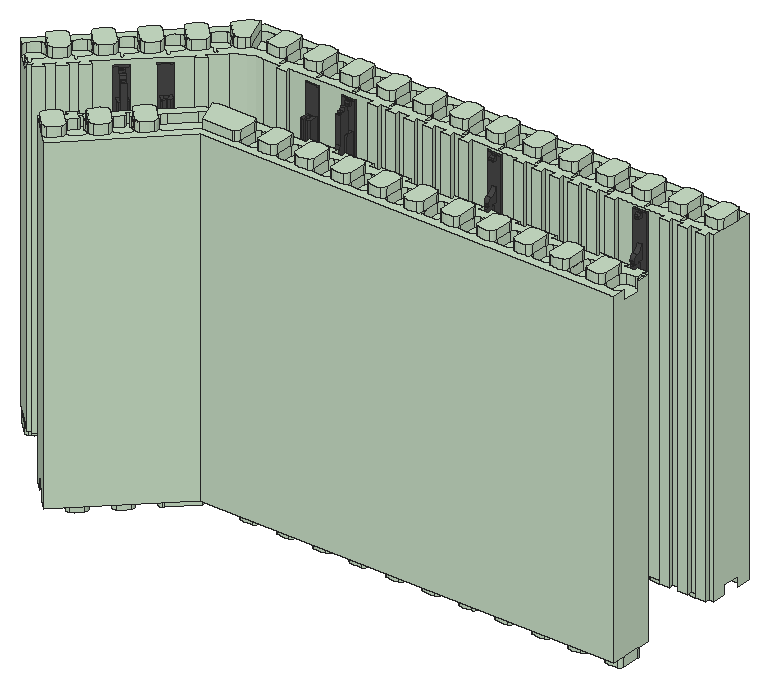
Revit family (continued)
Definition of nested family "4-inch Web"
  Forms (in)
    Extrusion 1, solid, material "Polypropylene"
      sketch origin (0, -2, -0.5) x (0, 1, 0) y (0, 0, 1)
        loop
          arc (4.1225, 4.97383) -> (4.16669, 4.95552) -> (4.185, 4.91133) r 0.0625
          line (4.185, 4.91133) -> (4.185, 5.69633)
          arc (4.185, 5.69633) -> (4.16669, 5.65213) -> (4.1225, 5.63383) r 0.0625
          line (4.1225, 5.63383) -> (3.89, 5.63383) -> (3.89, 5.70383) -> (3.995, 5.70383) -> (3.995, 6.2038) -> (3.89, 6.2038) -> (3.89, 6.27383) -> (4.1225, 6.27383)
          arc (4.1225, 6.27383) -> (4.16669, 6.25552) -> (4.185, 6.21133) r 0.0625
          line (4.185, 6.21133) -> (4.185, 6.81093) -> (4.09, 6.81093)
          arc (4.09, 6.81093) -> (3.98601, 6.70797) -> (3.85666, 6.63953) r 0.5
          arc (3.85666, 6.63953) -> (3.73587, 6.54816) -> (3.69, 6.40383) r 0.25
          line (3.69, 6.40383) -> (3.69, 6.33633)
          arc (3.69, 6.33633) -> (3.7083, 6.29213) -> (3.7525, 6.27383) r 0.0625
          line (3.7525, 6.27383) -> (3.8, 6.27383) -> (3.8, 6.2038) -> (3.69446, 6.2038)
          arc (3.69446, 6.2038) -> (3.49353, 6.21289) -> (3.29847, 6.26201) r 1
          arc (3.29847, 6.26201) -> (3.20889, 6.24349) -> (3.18179, 6.15611) r 0.09
          arc (3.18179, 6.15611) -> (2.74446, 5.81514) -> (2.77171, 6.36902) r 0.305
          arc (2.77171, 6.36902) -> (2.89426, 6.65499) -> (2.60829, 6.77754) r 0.22
          arc (2.60829, 6.77754) -> (2.36995, 6.62412) -> (2.20617, 6.39279) r 0.745
          arc (2.20617, 6.39279) -> (2.12274, 6.29522) -> (2, 6.25758) r 0.23
          arc (2, 6.25758) -> (1.87726, 6.29522) -> (1.79383, 6.39279) r 0.23
          arc (1.79383, 6.39279) -> (1.63005, 6.62412) -> (1.39171, 6.77754) r 0.745
          arc (1.39171, 6.77754) -> (1.10574, 6.65499) -> (1.22829, 6.36902) r 0.22
          arc (1.22829, 6.36902) -> (1.25554, 5.81514) -> (0.81821, 6.15611) r 0.305
          arc (0.81821, 6.15611) -> (0.79111, 6.24349) -> (0.70153, 6.26201) r 0.09
          arc (0.70153, 6.26201) -> (0.50647, 6.21289) -> (0.30554, 6.2038) r 1
          line (0.30554, 6.2038) -> (0.2, 6.2038) -> (0.2, 6.27383) -> (0.2475, 6.27383)
          arc (0.2475, 6.27383) -> (0.2917, 6.29213) -> (0.31, 6.33633) r 0.0625
          line (0.31, 6.33633) -> (0.31, 6.40383)
          arc (0.31, 6.40383) -> (0.26413, 6.54816) -> (0.14334, 6.63953) r 0.25
          arc (0.14334, 6.63953) -> (0.01399, 6.70797) -> (-0.09, 6.81093) r 0.5
          line (-0.09, 6.81093) -> (-0.185, 6.81093) -> (-0.185, 6.21133)
          arc (-0.185, 6.21133) -> (-0.16669, 6.25552) -> (-0.1225, 6.27383) r 0.0625
          line (-0.1225, 6.27383) -> (0.11, 6.27383) -> (0.11, 6.2038) -> (0.005, 6.2038) -> (0.005, 5.70383) -> (0.11, 5.70383) -> (0.11, 5.63383) -> (-0.1225, 5.63383)
          arc (-0.1225, 5.63383) -> (-0.16669, 5.65213) -> (-0.185, 5.69633) r 0.0625
          line (-0.185, 5.69633) -> (-0.185, 4.91133)
          arc (-0.185, 4.91133) -> (-0.16669, 4.95552) -> (-0.1225, 4.97383) r 0.0625
          line (-0.1225, 4.97383) -> (0.11, 4.97383) -> (0.11, 4.90383) -> (0.005, 4.90383) -> (0.005, 4.40383) -> (0.11, 4.40383) -> (0.11, 4.33383) -> (-0.1225, 4.33383)
          arc (-0.1225, 4.33383) -> (-0.16669, 4.35213) -> (-0.185, 4.39633) r 0.0625
          line (-0.185, 4.39633) -> (-0.185, 3.61133)
          arc (-0.185, 3.61133) -> (-0.16669, 3.65552) -> (-0.1225, 3.67383) r 0.0625
          line (-0.1225, 3.67383) -> (0.11, 3.67383) -> (0.11, 3.60383) -> (0.005, 3.60383) -> (0.005, 3.10386) -> (0.11, 3.10386) -> (0.11, 3.03383) -> (-0.15332, 3.03383)
          arc (-0.15332, 3.03383) -> (-0.16974, 3.03602) -> (-0.185, 3.04245) r 0.0625
          line (-0.185, 3.04245) -> (-0.185, 2.26723)
          arc (-0.185, 2.26723) -> (-0.07682, 2.51353) -> (0.14334, 2.66812) r 0.5
          arc (0.14334, 2.66812) -> (0.26413, 2.75949) -> (0.31, 2.90383) r 0.25
          line (0.31, 2.90383) -> (0.31, 2.97133)
          arc (0.31, 2.97133) -> (0.2917, 3.01552) -> (0.2475, 3.03383) r 0.0625
          line (0.2475, 3.03383) -> (0.2, 3.03383) -> (0.2, 3.10386) -> (0.30554, 3.10386)
          arc (0.30554, 3.10386) -> (0.50647, 3.09477) -> (0.70153, 3.04565) r 1
          arc (0.70153, 3.04565) -> (0.79111, 3.06417) -> (0.81821, 3.15155) r 0.09
          arc (0.81821, 3.15155) -> (1.25554, 3.49251) -> (1.22829, 2.93864) r 0.305
          arc (1.22829, 2.93864) -> (1.10574, 2.65266) -> (1.39171, 2.53012) r 0.22
          arc (1.39171, 2.53012) -> (1.63005, 2.68353) -> (1.79383, 2.91487) r 0.745
          arc (1.79383, 2.91487) -> (1.87726, 3.01243) -> (2, 3.05008) r 0.23
          arc (2, 3.05008) -> (2.12274, 3.01243) -> (2.20617, 2.91487) r 0.23
          arc (2.20617, 2.91487) -> (2.36995, 2.68353) -> (2.60829, 2.53012) r 0.745
          arc (2.60829, 2.53012) -> (2.89426, 2.65266) -> (2.77171, 2.93864) r 0.22
          arc (2.77171, 2.93864) -> (2.74446, 3.49251) -> (3.18179, 3.15155) r 0.305
          arc (3.18179, 3.15155) -> (3.20889, 3.06417) -> (3.29847, 3.04565) r 0.09
          arc (3.29847, 3.04565) -> (3.49353, 3.09477) -> (3.69446, 3.10386) r 1
          line (3.69446, 3.10386) -> (3.8, 3.10386) -> (3.8, 3.03383) -> (3.7525, 3.03383)
          arc (3.7525, 3.03383) -> (3.7083, 3.01552) -> (3.69, 2.97133) r 0.0625
          line (3.69, 2.97133) -> (3.69, 2.90383)
          arc (3.69, 2.90383) -> (3.73587, 2.75949) -> (3.85666, 2.66812) r 0.25
          arc (3.85666, 2.66812) -> (4.07682, 2.51353) -> (4.185, 2.26723) r 0.5
          line (4.185, 2.26723) -> (4.185, 3.04245)
          arc (4.185, 3.04245) -> (4.16974, 3.03602) -> (4.15332, 3.03383) r 0.0625
          line (4.15332, 3.03383) -> (3.89, 3.03383) -> (3.89, 3.10386) -> (3.995, 3.10386) -> (3.995, 3.60383)
        loop
          arc (3.695, 4.40383) -> (3.64143, 4.41153) -> (3.59139, 4.43216) r 0.21872
          arc (3.59139, 4.43216) -> (3.29477, 4.52764) -> (2.98527, 4.56383) r 1.6
          line (2.98527, 4.56383) -> (2.40877, 4.56383)
          arc (2.40877, 4.56383) -> (2.18493, 4.38671) -> (2.30584, 4.12814) r 0.23
          line (2.30584, 4.12814) -> (2.8018, 3.87996)
          arc (2.8018, 3.87996) -> (3.23819, 3.7089) -> (3.695, 3.60383) r 3.1806
          line (3.695, 3.60383) -> (3.8, 3.60383) -> (3.8, 3.67383) -> (3.7525, 3.67383)
          arc (3.7525, 3.67383) -> (3.7083, 3.69213) -> (3.69, 3.73633) r 0.0625
          line (3.69, 3.73633) -> (3.69, 4.27133)
          arc (3.69, 4.27133) -> (3.7083, 4.31552) -> (3.7525, 4.33383) r 0.0625
          line (3.7525, 4.33383) -> (3.8, 4.33383) -> (3.8, 4.40383) -> (3.695, 4.40383)
        loop
          arc (3.695, 5.70383) -> (3.23819, 5.59876) -> (2.8018, 5.42769) r 3.1806
          line (2.8018, 5.42769) -> (2.30584, 5.17951)
          arc (2.30584, 5.17951) -> (2.18493, 4.92095) -> (2.40877, 4.74383) r 0.23
          line (2.40877, 4.74383) -> (2.98527, 4.74383)
          arc (2.98527, 4.74383) -> (3.29477, 4.78001) -> (3.59139, 4.8755) r 1.6
          arc (3.59139, 4.8755) -> (3.64143, 4.89612) -> (3.695, 4.90383) r 0.21872
          line (3.695, 4.90383) -> (3.8, 4.90383) -> (3.8, 4.97383) -> (3.7525, 4.97383)
          arc (3.7525, 4.97383) -> (3.7083, 4.99213) -> (3.69, 5.03633) r 0.0625
          line (3.69, 5.03633) -> (3.69, 5.57133)
          arc (3.69, 5.57133) -> (3.7083, 5.61552) -> (3.7525, 5.63383) r 0.0625
          line (3.7525, 5.63383) -> (3.8, 5.63383) -> (3.8, 5.70383) -> (3.695, 5.70383)
        loop
          line (0.305, 4.40383) -> (0.2, 4.40383) -> (0.2, 4.33383) -> (0.2475, 4.33383)
          arc (0.2475, 4.33383) -> (0.2917, 4.31552) -> (0.31, 4.27133) r 0.0625
          line (0.31, 4.27133) -> (0.31, 3.73633)
          arc (0.31, 3.73633) -> (0.2917, 3.69213) -> (0.2475, 3.67383) r 0.0625
          line (0.2475, 3.67383) -> (0.2, 3.67383) -> (0.2, 3.60383) -> (0.305, 3.60383)
          arc (0.305, 3.60383) -> (0.76181, 3.7089) -> (1.1982, 3.87996) r 3.1806
          line (1.1982, 3.87996) -> (1.69416, 4.12814)
          arc (1.69416, 4.12814) -> (1.81507, 4.38671) -> (1.59123, 4.56383) r 0.23
          line (1.59123, 4.56383) -> (1.01473, 4.56383)
          arc (1.01473, 4.56383) -> (0.70523, 4.52764) -> (0.40861, 4.43216) r 1.6
          arc (0.40861, 4.43216) -> (0.35857, 4.41153) -> (0.305, 4.40383) r 0.21872
        loop
          line (0.305, 5.70383) -> (0.2, 5.70383) -> (0.2, 5.63383) -> (0.2475, 5.63383)
          arc (0.2475, 5.63383) -> (0.2917, 5.61552) -> (0.31, 5.57133) r 0.0625
          line (0.31, 5.57133) -> (0.31, 5.03633)
          arc (0.31, 5.03633) -> (0.2917, 4.99213) -> (0.2475, 4.97383) r 0.0625
          line (0.2475, 4.97383) -> (0.2, 4.97383) -> (0.2, 4.90383) -> (0.305, 4.90383)
          arc (0.305, 4.90383) -> (0.35857, 4.89612) -> (0.40861, 4.8755) r 0.21872
          arc (0.40861, 4.8755) -> (0.70523, 4.78001) -> (1.01473, 4.74383) r 1.6
          line (1.01473, 4.74383) -> (1.59123, 4.74383)
          arc (1.59123, 4.74383) -> (1.81507, 4.92095) -> (1.69416, 5.17951) r 0.23
          line (1.69416, 5.17951) -> (1.1982, 5.42769)
          arc (1.1982, 5.42769) -> (0.76181, 5.59876) -> (0.305, 5.70383) r 3.1806
      from -0.125 to 0.125
    Extrusion 2, solid, material "Polypropylene"
      sketch origin (0, 0, 0) x (0, 1, 0) y (0, 0, 1)
        loop
          line (2.185, 17.8125) -> (2.185, 0.1875)
          arc (2.185, 0.1875) -> (2.2042, 0.14243) -> (2.25, 0.12505) r 0.0625
          arc (2.25, 0.12505) -> (2.2958, 0.14243) -> (2.315, 0.1875) r 0.0625
          line (2.315, 0.1875) -> (2.315, 17.8125)
          arc (2.315, 17.8125) -> (2.2958, 17.85757) -> (2.25, 17.87495) r 0.0625
          arc (2.25, 17.87495) -> (2.2042, 17.85757) -> (2.185, 17.8125) r 0.0625
        loop
          arc (-2.185, 17.8125) -> (-2.2042, 17.85757) -> (-2.25, 17.87495) r 0.0625
          arc (-2.25, 17.87495) -> (-2.2958, 17.85757) -> (-2.315, 17.8125) r 0.0625
          line (-2.315, 17.8125) -> (-2.315, 0.1875)
          arc (-2.315, 0.1875) -> (-2.2958, 0.14243) -> (-2.25, 0.12505) r 0.0625
          arc (-2.25, 0.12505) -> (-2.2042, 0.14243) -> (-2.185, 0.1875) r 0.0625
          line (-2.185, 0.1875) -> (-2.185, 17.8125)
      from -0.36328 to 0.36328
Definition of nested family "4-inch Insert Web"
  Reference planes (in)
    plane 1 "Center (Front/Back)": y = 0
    plane 2: z = 0
    plane 3 "Center (Left/Right)": x = 0
  Forms (in)
    Extrusion 1, solid, material "High Density Polystyrene"
      sketch origin (0, 0, 0) x (0, 1, 0) y (0, 0, 1)
        loop
          line (2.25, 0) -> (2.25, 17.74583)
          arc (2.25, 17.74583) -> (2.22112, 17.72608) -> (2.21, 17.69292) r 0.055
          line (2.21, 17.69292) -> (2.21, 0.05292)
          arc (2.21, 0.05292) -> (2.22112, 0.01975) -> (2.25, 0) r 0.055
        loop
          arc (-2.25, 0) -> (-2.22112, 0.01975) -> (-2.21, 0.05292) r 0.055
          line (-2.21, 0.05292) -> (-2.21, 17.69292)
          arc (-2.21, 17.69292) -> (-2.22112, 17.72608) -> (-2.25, 17.74583) r 0.055
          line (-2.25, 17.74583) -> (-2.25, 0)
      from 0.36328 to -0.36328
    Extrusion 2, solid, material "High Density Polystyrene"
      sketch origin (0, 0, 0) x (0, 1, 0) y (0, 0, 1)
        loop
          arc (2.18889, 17.40785) -> (2.20374, 17.40241) -> (2.21, 17.38789) r 0.02
          line (2.21, 17.38789) -> (2.21, 17.63668)
          arc (2.21, 17.63668) -> (2.20585, 17.62147) -> (2.19457, 17.61045) r 0.03
          line (2.19457, 17.61045) -> (2.12543, 17.57204)
          arc (2.12543, 17.57204) -> (2.11414, 17.56103) -> (2.11, 17.54582) r 0.03
          line (2.11, 17.54582) -> (2.11, 17.42461)
          arc (2.11, 17.42461) -> (2.11625, 17.41008) -> (2.13111, 17.40464) r 0.02
          line (2.13111, 17.40464) -> (2.18889, 17.40785)
        loop
          line (-2.12543, 17.57204) -> (-2.19457, 17.61045)
          arc (-2.19457, 17.61045) -> (-2.20585, 17.62147) -> (-2.21, 17.63668) r 0.03
          line (-2.21, 17.63668) -> (-2.21, 17.38789)
          arc (-2.21, 17.38789) -> (-2.20374, 17.40241) -> (-2.18889, 17.40785) r 0.02
          line (-2.18889, 17.40785) -> (-2.13111, 17.40464)
          arc (-2.13111, 17.40464) -> (-2.11625, 17.41008) -> (-2.11, 17.42461) r 0.02
          line (-2.11, 17.42461) -> (-2.11, 17.54582)
          arc (-2.11, 17.54582) -> (-2.11414, 17.56103) -> (-2.12543, 17.57204) r 0.03
        loop
          line (2.18889, 0.33798) -> (2.13111, 0.34119)
          arc (2.13111, 0.34119) -> (2.11625, 0.33575) -> (2.11, 0.32122) r 0.02
          line (2.11, 0.32122) -> (2.11, 0.20001)
          arc (2.11, 0.20001) -> (2.11414, 0.1848) -> (2.12543, 0.17379) r 0.03
          line (2.12543, 0.17379) -> (2.19457, 0.13538)
          arc (2.19457, 0.13538) -> (2.20585, 0.12437) -> (2.21, 0.10915) r 0.03
          line (2.21, 0.10915) -> (2.21, 0.35795)
          arc (2.21, 0.35795) -> (2.20374, 0.34342) -> (2.18889, 0.33798) r 0.02
        loop
          arc (-2.12543, 0.17379) -> (-2.11414, 0.1848) -> (-2.11, 0.20001) r 0.03
          line (-2.11, 0.20001) -> (-2.11, 0.32122)
          arc (-2.11, 0.32122) -> (-2.11625, 0.33575) -> (-2.13111, 0.34119) r 0.02
          line (-2.13111, 0.34119) -> (-2.18889, 0.33798)
          arc (-2.18889, 0.33798) -> (-2.20374, 0.34342) -> (-2.21, 0.35795) r 0.02
          line (-2.21, 0.35795) -> (-2.21, 0.10915)
          arc (-2.21, 0.10915) -> (-2.20585, 0.12437) -> (-2.19457, 0.13538) r 0.03
          line (-2.19457, 0.13538) -> (-2.12543, 0.17379)
        loop
          line (2, 17.20772) -> (1.925, 17.43772)
          arc (1.925, 17.43772) -> (1.875, 17.46772) -> (1.825, 17.43772) r 0.05667
          line (1.825, 17.43772) -> (1.77609, 17.28772) -> (1.64893, 17.28772)
          arc (1.64893, 17.28772) -> (1.61433, 17.27339) -> (1.6, 17.2388) r 0.04893
          line (1.6, 17.2388) -> (1.6, 17.20772) -> (1.5, 17.20772) -> (1.5, 15.75595)
          arc (1.5, 15.75595) -> (1.43087, 15.489) -> (1.24086, 15.28915) r 0.55
          arc (1.24086, 15.28915) -> (1.19232, 15.23289) -> (1.1843, 15.15901) r 0.125
          arc (1.1843, 15.15901) -> (0.73923, 14.83241) -> (0.77171, 15.3835) r 0.305
          arc (0.77171, 15.3835) -> (0.88403, 15.69146) -> (0.56557, 15.7692) r 0.22
          arc (0.56557, 15.7692) -> (0.29606, 15.63872) -> (0, 15.59389) r 1
          arc (0, 15.59389) -> (-0.29606, 15.63872) -> (-0.56557, 15.7692) r 1
          arc (-0.56557, 15.7692) -> (-0.88403, 15.69146) -> (-0.77171, 15.3835) r 0.22
          arc (-0.77171, 15.3835) -> (-0.73923, 14.83241) -> (-1.1843, 15.15901) r 0.305
          arc (-1.1843, 15.15901) -> (-1.19232, 15.23289) -> (-1.24086, 15.28915) r 0.125
          arc (-1.24086, 15.28915) -> (-1.43087, 15.489) -> (-1.5, 15.75595) r 0.55
          line (-1.5, 15.75595) -> (-1.5, 17.20772) -> (-1.6, 17.20772) -> (-1.6, 17.2388)
          arc (-1.6, 17.2388) -> (-1.61433, 17.27339) -> (-1.64893, 17.28772) r 0.04893
          line (-1.64893, 17.28772) -> (-1.77609, 17.28772) -> (-1.825, 17.43772)
          arc (-1.825, 17.43772) -> (-1.875, 17.46772) -> (-1.925, 17.43772) r 0.05667
          line (-1.925, 17.43772) -> (-2, 17.20772) -> (-2, 0.66519) -> (-1.925, 0.43519)
          arc (-1.925, 0.43519) -> (-1.875, 0.40519) -> (-1.825, 0.43519) r 0.05667
          line (-1.825, 0.43519) -> (-1.77609, 0.58519) -> (-1.64893, 0.58519)
          arc (-1.64893, 0.58519) -> (-1.61433, 0.59952) -> (-1.6, 0.63412) r 0.04893
          line (-1.6, 0.63412) -> (-1.6, 0.66519) -> (-1.5, 0.66519) -> (-1.5, 2.24405)
          arc (-1.5, 2.24405) -> (-1.43087, 2.511) -> (-1.24086, 2.71085) r 0.55
          arc (-1.24086, 2.71085) -> (-1.19232, 2.76711) -> (-1.1843, 2.84099) r 0.125
          arc (-1.1843, 2.84099) -> (-0.73923, 3.16759) -> (-0.77171, 2.6165) r 0.305
          arc (-0.77171, 2.6165) -> (-0.88403, 2.30854) -> (-0.56557, 2.2308) r 0.22
          arc (-0.56557, 2.2308) -> (-0.29606, 2.36128) -> (0, 2.40611) r 1
          arc (0, 2.40611) -> (0.29606, 2.36128) -> (0.56557, 2.2308) r 1
          arc (0.56557, 2.2308) -> (0.88403, 2.30854) -> (0.77171, 2.6165) r 0.22
          arc (0.77171, 2.6165) -> (0.73923, 3.16759) -> (1.1843, 2.84099) r 0.305
          arc (1.1843, 2.84099) -> (1.19232, 2.76711) -> (1.24086, 2.71085) r 0.125
          arc (1.24086, 2.71085) -> (1.43087, 2.511) -> (1.5, 2.24405) r 0.55
          line (1.5, 2.24405) -> (1.5, 0.66519) -> (1.6, 0.66519) -> (1.6, 0.63412)
          arc (1.6, 0.63412) -> (1.61433, 0.59952) -> (1.64893, 0.58519) r 0.04893
          line (1.64893, 0.58519) -> (1.77609, 0.58519) -> (1.825, 0.43519)
          arc (1.825, 0.43519) -> (1.875, 0.40519) -> (1.925, 0.43519) r 0.05667
          line (1.925, 0.43519) -> (2, 0.66519) -> (2, 17.20772)
        loop
          line (1.103, 14.44673) -> (0.32953, 14.08475)
          arc (0.32953, 14.08475) -> (0.17093, 13.84564) -> (0.06, 13.58104) r 1.52295
          line (0.06, 13.58104) -> (0.06, 13.02037)
          arc (0.06, 13.02037) -> (0.17285, 12.82194) -> (0.3725, 12.71127) r 0.42217
          line (0.3725, 12.71127) -> (1.125, 12.71127)
          arc (1.125, 12.71127) -> (1.35049, 12.86078) -> (1.5, 13.08627) r 0.68126
          line (1.5, 13.08627) -> (1.5, 14.11451)
          arc (1.5, 14.11451) -> (1.35557, 14.34523) -> (1.103, 14.44673) r 0.43974
        loop
          arc (-1.103, 14.44673) -> (-1.35557, 14.34523) -> (-1.5, 14.11451) r 0.43974
          line (-1.5, 14.11451) -> (-1.5, 13.08627)
          arc (-1.5, 13.08627) -> (-1.35049, 12.86078) -> (-1.125, 12.71127) r 0.68126
          line (-1.125, 12.71127) -> (-0.3725, 12.71127)
          arc (-0.3725, 12.71127) -> (-0.17285, 12.82194) -> (-0.06, 13.02037) r 0.42217
          line (-0.06, 13.02037) -> (-0.06, 13.58104)
          arc (-0.06, 13.58104) -> (-0.17093, 13.84564) -> (-0.32953, 14.08475) r 1.52295
          line (-0.32953, 14.08475) -> (-1.103, 14.44673)
        loop
          arc (1.103, 10.7958) -> (1.35557, 10.89731) -> (1.5, 11.12803) r 0.43974
          line (1.5, 11.12803) -> (1.5, 12.15627)
          arc (1.5, 12.15627) -> (1.35049, 12.38175) -> (1.125, 12.53127) r 0.68126
          line (1.125, 12.53127) -> (0.3725, 12.53127)
          arc (0.3725, 12.53127) -> (0.17285, 12.42059) -> (0.06, 12.22217) r 0.42217
          line (0.06, 12.22217) -> (0.06, 11.6615)
          arc (0.06, 11.6615) -> (0.17093, 11.39689) -> (0.32953, 11.15779) r 1.52295
          line (0.32953, 11.15779) -> (1.103, 10.7958)
        loop
          line (-1.103, 10.7958) -> (-0.32953, 11.15779)
          arc (-0.32953, 11.15779) -> (-0.17093, 11.39689) -> (-0.06, 11.6615) r 1.52295
          line (-0.06, 11.6615) -> (-0.06, 12.22217)
          arc (-0.06, 12.22217) -> (-0.17285, 12.42059) -> (-0.3725, 12.53127) r 0.42217
          line (-0.3725, 12.53127) -> (-1.125, 12.53127)
          arc (-1.125, 12.53127) -> (-1.35049, 12.38175) -> (-1.5, 12.15627) r 0.68126
          line (-1.5, 12.15627) -> (-1.5, 11.12803)
          arc (-1.5, 11.12803) -> (-1.35557, 10.89731) -> (-1.103, 10.7958) r 0.43974
        loop
          arc (0.42388, 10.91489) -> (0.21712, 10.98532) -> (0, 11.00917) r 1
          arc (0, 11.00917) -> (-0.21712, 10.98532) -> (-0.42388, 10.91489) r 1
          line (-0.42388, 10.91489) -> (-1.21194, 10.54608)
          arc (-1.21194, 10.54608) -> (-1.42188, 10.36158) -> (-1.5, 10.09322) r 0.5
          line (-1.5, 10.09322) -> (-1.5, 9.31235) -> (-1.38, 9.11235) -> (-1.38, 9) -> (-1.38, 8.88765) -> (-1.5, 8.68765) -> (-1.5, 7.90678)
          arc (-1.5, 7.90678) -> (-1.42188, 7.63842) -> (-1.21194, 7.45392) r 0.5
          line (-1.21194, 7.45392) -> (-0.42388, 7.08511)
          arc (-0.42388, 7.08511) -> (-0.21712, 7.01468) -> (0, 6.99083) r 1
          arc (0, 6.99083) -> (0.21712, 7.01468) -> (0.42388, 7.08511) r 1
          line (0.42388, 7.08511) -> (1.21194, 7.45392)
          arc (1.21194, 7.45392) -> (1.42188, 7.63842) -> (1.5, 7.90678) r 0.5
          line (1.5, 7.90678) -> (1.5, 8.68765) -> (1.38, 8.88765) -> (1.38, 9) -> (1.38, 9.11235) -> (1.5, 9.31235) -> (1.5, 10.09322)
          arc (1.5, 10.09322) -> (1.42188, 10.36158) -> (1.21194, 10.54608) r 0.5
          line (1.21194, 10.54608) -> (0.42388, 10.91489)
        loop
          arc (1.103, 3.55327) -> (1.35557, 3.65477) -> (1.5, 3.88549) r 0.43974
          line (1.5, 3.88549) -> (1.5, 4.91373)
          arc (1.5, 4.91373) -> (1.35049, 5.13922) -> (1.125, 5.28873) r 0.68126
          line (1.125, 5.28873) -> (0.3725, 5.28873)
          arc (0.3725, 5.28873) -> (0.17285, 5.17806) -> (0.06, 4.97963) r 0.42217
          line (0.06, 4.97963) -> (0.06, 4.41896)
          arc (0.06, 4.41896) -> (0.17093, 4.15436) -> (0.32953, 3.91525) r 1.52295
          line (0.32953, 3.91525) -> (1.103, 3.55327)
        loop
          line (-1.103, 3.55327) -> (-0.32953, 3.91525)
          arc (-0.32953, 3.91525) -> (-0.17093, 4.15436) -> (-0.06, 4.41896) r 1.52295
          line (-0.06, 4.41896) -> (-0.06, 4.97963)
          arc (-0.06, 4.97963) -> (-0.17285, 5.17806) -> (-0.3725, 5.28873) r 0.42217
          line (-0.3725, 5.28873) -> (-1.125, 5.28873)
          arc (-1.125, 5.28873) -> (-1.35049, 5.13922) -> (-1.5, 4.91373) r 0.68126
          line (-1.5, 4.91373) -> (-1.5, 3.88549)
          arc (-1.5, 3.88549) -> (-1.35557, 3.65477) -> (-1.103, 3.55327) r 0.43974
        loop
          line (1.103, 7.2042) -> (0.32953, 6.84221)
          arc (0.32953, 6.84221) -> (0.17093, 6.60311) -> (0.06, 6.3385) r 1.52295
          line (0.06, 6.3385) -> (0.06, 5.77783)
          arc (0.06, 5.77783) -> (0.17285, 5.57941) -> (0.3725, 5.46873) r 0.42217
          line (0.3725, 5.46873) -> (1.125, 5.46873)
          arc (1.125, 5.46873) -> (1.35049, 5.61825) -> (1.5, 5.84373) r 0.68126
          line (1.5, 5.84373) -> (1.5, 6.87197)
          arc (1.5, 6.87197) -> (1.35557, 7.10269) -> (1.103, 7.2042) r 0.43974
        loop
          arc (-1.103, 7.2042) -> (-1.35557, 7.10269) -> (-1.5, 6.87197) r 0.43974
          line (-1.5, 6.87197) -> (-1.5, 5.84373)
          arc (-1.5, 5.84373) -> (-1.35049, 5.61825) -> (-1.125, 5.46873) r 0.68126
          line (-1.125, 5.46873) -> (-0.3725, 5.46873)
          arc (-0.3725, 5.46873) -> (-0.17285, 5.57941) -> (-0.06, 5.77783) r 0.42217
          line (-0.06, 5.77783) -> (-0.06, 6.3385)
          arc (-0.06, 6.3385) -> (-0.17093, 6.60311) -> (-0.32953, 6.84221) r 1.52295
          line (-0.32953, 6.84221) -> (-1.103, 7.2042)
      from 0.125 to -0.125
    Extrusion 3, solid, material "High Density Polystyrene"
      sketch origin (0, 0, 0) x (0, 1, 0) y (0, 0, 1)
        loop
          line (2.21, 16.17792) -> (1.71, 16.17792) -> (1.71, 14.97792) -> (2.21, 14.97792) -> (2.21, 16.17792)
        loop
          line (2.21, 14.22792) -> (1.71, 14.22792) -> (1.71, 13.02792) -> (2.21, 13.02792) -> (2.21, 14.22792)
        loop
          line (2.21, 12.27792) -> (1.71, 12.27792) -> (1.71, 11.07792) -> (2.21, 11.07792) -> (2.21, 12.27792)
        loop
          line (2.21, 10.32792) -> (1.71, 10.32792) -> (1.71, 9.24792) -> (2.21, 9.24792) -> (2.21, 10.32792)
        loop
          line (2.21, 8.49792) -> (1.71, 8.49792) -> (1.71, 7.41792) -> (2.21, 7.41792) -> (2.21, 8.49792)
        loop
          line (2.21, 6.66792) -> (1.71, 6.66792) -> (1.71, 5.46792) -> (2.21, 5.46792) -> (2.21, 6.66792)
        loop
          line (2.21, 4.71792) -> (1.71, 4.71792) -> (1.71, 3.51792) -> (2.21, 3.51792) -> (2.21, 4.71792)
        loop
          line (2.21, 2.76792) -> (1.71, 2.76792) -> (1.71, 1.56792) -> (2.21, 1.56792) -> (2.21, 2.76792)
        loop
          line (-2.21, 16.17792) -> (-2.21, 14.97792) -> (-1.71, 14.97792) -> (-1.71, 16.17792) -> (-2.21, 16.17792)
        loop
          line (-2.21, 14.22792) -> (-2.21, 13.02792) -> (-1.71, 13.02792) -> (-1.71, 14.22792) -> (-2.21, 14.22792)
        loop
          line (-2.21, 12.27792) -> (-2.21, 11.07792) -> (-1.71, 11.07792) -> (-1.71, 12.27792) -> (-2.21, 12.27792)
        loop
          line (-2.21, 10.32792) -> (-2.21, 9.24792) -> (-1.71, 9.24792) -> (-1.71, 10.32792) -> (-2.21, 10.32792)
        loop
          line (-2.21, 8.49792) -> (-2.21, 7.41792) -> (-1.71, 7.41792) -> (-1.71, 8.49792) -> (-2.21, 8.49792)
        loop
          line (-2.21, 6.66792) -> (-2.21, 5.46792) -> (-1.71, 5.46792) -> (-1.71, 6.66792) -> (-2.21, 6.66792)
        loop
          line (-2.21, 4.71792) -> (-2.21, 3.51792) -> (-1.71, 3.51792) -> (-1.71, 4.71792) -> (-2.21, 4.71792)
        loop
          line (-2.21, 2.76792) -> (-2.21, 1.56792) -> (-1.71, 1.56792) -> (-1.71, 2.76792) -> (-2.21, 2.76792)
      from 0.25 to -0.25
    Extrusion 4, void
      sketch origin (0, -1, 0) x (1, 0, 0) y (0, 1, 0)
        loop
          line (-0.25, 2.79249) -> (-0.25, 2.71) -> (-0.1675, 2.71)
          arc (-0.1675, 2.71) -> (-0.22584, 2.73416) -> (-0.25, 2.79249) r 0.0825
      from 0 to 18
    Extrusion 5, void
      sketch origin (0, -1, 0) x (-1, 0, 0) y (0, -1, 0)
        loop
          arc (-0.25, -2.79249) -> (-0.22584, -2.73416) -> (-0.1675, -2.71) r 0.0825
          line (-0.1675, -2.71) -> (-0.25, -2.71) -> (-0.25, -2.79249)
      from 0 to 18
    Extrusion 6, void
      sketch origin (0, 1, 0) x (1, 0, 0) y (0, 1, 0)
        loop
          arc (-0.25, -2.79249) -> (-0.22584, -2.73416) -> (-0.1675, -2.71) r 0.0825
          line (-0.1675, -2.71) -> (-0.25, -2.71) -> (-0.25, -2.79249)
      from 0 to 18
    Extrusion 7, void
      sketch origin (0, 1, 0) x (-1, 0, 0) y (0, -1, 0)
        loop
          line (-0.25, 2.79249) -> (-0.25, 2.71) -> (-0.1675, 2.71)
          arc (-0.1675, 2.71) -> (-0.22584, 2.73416) -> (-0.25, 2.79249) r 0.0825
      from 0 to 18
  Cuts and joins
    Extrusion 4, Extrusion 5, Extrusion 6, Extrusion 7 cuts Extrusion 1
    Extrusion 4, Extrusion 5, Extrusion 6, Extrusion 7 cuts Extrusion 3
Definition of nested family "NUDURA Diamond Pattern"
  Reference planes (in)
    plane 1 "Center (Front/Back)": y = 0
    plane 2: z = 0
    plane 3 "Center (Left/Right)": x = 0
    plane 4: z = 18
  Lines and regions (in)
    model lines
      curve 1: line (8, -5.625, 18) -> (8, -5.625, 0)
      curve 2: line (6, -5.625, 18) -> (6, -5.625, 0)
      curve 3: line (2, -5.625, 18) -> (2, -5.625, 0)
      curve 4: line (3.35367, -5.625, 16.98484) -> (3.69709, -5.625, 16.64142)
      curve 5: arc (3.35367, -5.625, 17.51517) -> (3.24384, -5.625, 17.25) -> (3.35367, -5.625, 16.98484) r 0.375
      curve 6: line (3.72867, -5.625, 17.89017) -> (3.35367, -5.625, 17.51517)
      curve 7: arc (4.259, -5.625, 17.89017) -> (3.99384, -5.625, 18) -> (3.72867, -5.625, 17.89017) r 0.375
      curve 8: line (4.634, -5.625, 17.51517) -> (4.259, -5.625, 17.89017)
      curve 9: arc (4.634, -5.625, 16.98484) -> (4.74384, -5.625, 17.25) -> (4.634, -5.625, 17.51517) r 0.375
      curve 10: line (4.29059, -5.625, 16.64142) -> (4.634, -5.625, 16.98484)
      curve 11: arc (4.17062, -5.625, 17.80178) -> (3.99384, -5.625, 17.875) -> (3.81706, -5.625, 17.80178) r 0.25
      curve 12: line (4.54562, -5.625, 17.42678) -> (4.17062, -5.625, 17.80178)
      curve 13: arc (4.54562, -5.625, 17.07322) -> (4.61884, -5.625, 17.25) -> (4.54562, -5.625, 17.42678) r 0.25
      curve 14: line (4.17062, -5.625, 16.69822) -> (4.54562, -5.625, 17.07322)
      curve 15: arc (3.81706, -5.625, 16.69822) -> (3.99384, -5.625, 16.625) -> (4.17062, -5.625, 16.69822) r 0.25
      curve 16: line (3.44206, -5.625, 17.07322) -> (3.81706, -5.625, 16.69822)
      curve 17: arc (3.44206, -5.625, 17.42678) -> (3.36884, -5.625, 17.25) -> (3.44206, -5.625, 17.07322) r 0.25
      curve 18: line (3.81706, -5.625, 17.80178) -> (3.44206, -5.625, 17.42678)
      curve 19: arc (3.69709, -5.625, 16.35858) -> (3.75567, -5.625, 16.5) -> (3.69709, -5.625, 16.64142) r 0.2
      curve 20: line (4.634, -5.625, 16.01517) -> (4.29059, -5.625, 16.35858)
      curve 21: arc (4.634, -5.625, 15.48484) -> (4.74384, -5.625, 15.75) -> (4.634, -5.625, 16.01517) r 0.375
      curve 22: line (4.29059, -5.625, 15.14142) -> (4.634, -5.625, 15.48484)
      curve 23: line (3.35367, -5.625, 15.48484) -> (3.69709, -5.625, 15.14142)
      curve 24: arc (3.35367, -5.625, 16.01517) -> (3.24384, -5.625, 15.75) -> (3.35367, -5.625, 15.48484) r 0.375
      curve 25: line (3.69709, -5.625, 16.35858) -> (3.35367, -5.625, 16.01517)
      curve 26: arc (4.17062, -5.625, 16.30178) -> (3.99384, -5.625, 16.375) -> (3.81706, -5.625, 16.30178) r 0.25
      curve 27: line (3.81706, -5.625, 16.30178) -> (3.44206, -5.625, 15.92678)
      curve 28: arc (3.44206, -5.625, 15.92678) -> (3.36884, -5.625, 15.75) -> (3.44206, -5.625, 15.57322) r 0.25
      curve 29: line (3.44206, -5.625, 15.57322) -> (3.81706, -5.625, 15.19822)
      curve 30: arc (3.81706, -5.625, 15.19822) -> (3.99384, -5.625, 15.125) -> (4.17062, -5.625, 15.19822) r 0.25
      curve 31: line (4.17062, -5.625, 15.19822) -> (4.54562, -5.625, 15.57322)
      curve 32: arc (4.54562, -5.625, 15.57322) -> (4.61884, -5.625, 15.75) -> (4.54562, -5.625, 15.92678) r 0.25
      curve 33: line (4.54562, -5.625, 15.92678) -> (4.17062, -5.625, 16.30178)
      curve 34: arc (3.69709, -5.625, 14.85858) -> (3.75567, -5.625, 15) -> (3.69709, -5.625, 15.14142) r 0.2
      curve 35: line (4.634, -5.625, 14.51517) -> (4.29059, -5.625, 14.85858)
      curve 36: arc (4.634, -5.625, 13.98484) -> (4.74384, -5.625, 14.25) -> (4.634, -5.625, 14.51517) r 0.375
      curve 37: line (4.29059, -5.625, 13.64142) -> (4.634, -5.625, 13.98484)
      curve 38: line (3.35367, -5.625, 13.98484) -> (3.69709, -5.625, 13.64142)
      curve 39: arc (3.35367, -5.625, 14.51517) -> (3.24384, -5.625, 14.25) -> (3.35367, -5.625, 13.98484) r 0.375
      curve 40: line (3.69709, -5.625, 14.85858) -> (3.35367, -5.625, 14.51517)
      curve 41: arc (4.17062, -5.625, 14.80178) -> (3.99384, -5.625, 14.875) -> (3.81706, -5.625, 14.80178) r 0.25
      curve 42: line (3.81706, -5.625, 14.80178) -> (3.44206, -5.625, 14.42678)
      curve 43: arc (3.44206, -5.625, 14.42678) -> (3.36884, -5.625, 14.25) -> (3.44206, -5.625, 14.07322) r 0.25
      curve 44: line (3.44206, -5.625, 14.07322) -> (3.81706, -5.625, 13.69822)
      curve 45: arc (3.81706, -5.625, 13.69822) -> (3.99384, -5.625, 13.625) -> (4.17062, -5.625, 13.69822) r 0.25
      curve 46: line (4.17062, -5.625, 13.69822) -> (4.54562, -5.625, 14.07322)
      curve 47: arc (4.54562, -5.625, 14.07322) -> (4.61884, -5.625, 14.25) -> (4.54562, -5.625, 14.42678) r 0.25
      curve 48: line (4.54562, -5.625, 14.42678) -> (4.17062, -5.625, 14.80178)
      curve 49: arc (3.69709, -5.625, 13.35858) -> (3.75567, -5.625, 13.5) -> (3.69709, -5.625, 13.64142) r 0.2
      curve 50: line (4.634, -5.625, 13.01517) -> (4.29059, -5.625, 13.35858)
      curve 51: arc (4.634, -5.625, 12.48484) -> (4.74384, -5.625, 12.75) -> (4.634, -5.625, 13.01517) r 0.375
      curve 52: line (4.29059, -5.625, 12.14142) -> (4.634, -5.625, 12.48484)
      curve 53: line (3.35367, -5.625, 12.48484) -> (3.69709, -5.625, 12.14142)
      curve 54: arc (3.35367, -5.625, 13.01517) -> (3.24384, -5.625, 12.75) -> (3.35367, -5.625, 12.48484) r 0.375
      curve 55: line (3.69709, -5.625, 13.35858) -> (3.35367, -5.625, 13.01517)
      curve 56: arc (4.17062, -5.625, 13.30178) -> (3.99384, -5.625, 13.375) -> (3.81706, -5.625, 13.30178) r 0.25
      curve 57: line (3.81706, -5.625, 13.30178) -> (3.44206, -5.625, 12.92678)
      curve 58: arc (3.44206, -5.625, 12.92678) -> (3.36884, -5.625, 12.75) -> (3.44206, -5.625, 12.57322) r 0.25
      curve 59: line (3.44206, -5.625, 12.57322) -> (3.81706, -5.625, 12.19822)
      curve 60: arc (3.81706, -5.625, 12.19822) -> (3.99384, -5.625, 12.125) -> (4.17062, -5.625, 12.19822) r 0.25
      curve 61: line (4.17062, -5.625, 12.19822) -> (4.54562, -5.625, 12.57322)
      curve 62: arc (4.54562, -5.625, 12.57322) -> (4.61884, -5.625, 12.75) -> (4.54562, -5.625, 12.92678) r 0.25
      curve 63: line (4.54562, -5.625, 12.92678) -> (4.17062, -5.625, 13.30178)
      curve 64: arc (3.69709, -5.625, 11.85858) -> (3.75567, -5.625, 12) -> (3.69709, -5.625, 12.14142) r 0.2
      curve 65: line (4.634, -5.625, 11.51517) -> (4.29059, -5.625, 11.85858)
      curve 66: arc (4.634, -5.625, 10.98484) -> (4.74384, -5.625, 11.25) -> (4.634, -5.625, 11.51517) r 0.375
      curve 67: line (4.29059, -5.625, 10.64142) -> (4.634, -5.625, 10.98484)
      curve 68: line (3.35367, -5.625, 10.98484) -> (3.69709, -5.625, 10.64142)
      curve 69: arc (3.35367, -5.625, 11.51517) -> (3.24384, -5.625, 11.25) -> (3.35367, -5.625, 10.98484) r 0.375
      curve 70: line (3.69709, -5.625, 11.85858) -> (3.35367, -5.625, 11.51517)
      curve 71: arc (4.17062, -5.625, 11.80178) -> (3.99384, -5.625, 11.875) -> (3.81706, -5.625, 11.80178) r 0.25
      curve 72: line (3.81706, -5.625, 11.80178) -> (3.44206, -5.625, 11.42678)
      curve 73: arc (3.44206, -5.625, 11.42678) -> (3.36884, -5.625, 11.25) -> (3.44206, -5.625, 11.07322) r 0.25
      curve 74: line (3.44206, -5.625, 11.07322) -> (3.81706, -5.625, 10.69822)
      curve 75: arc (3.81706, -5.625, 10.69822) -> (3.99384, -5.625, 10.625) -> (4.17062, -5.625, 10.69822) r 0.25
      curve 76: line (4.17062, -5.625, 10.69822) -> (4.54562, -5.625, 11.07322)
      curve 77: arc (4.54562, -5.625, 11.07322) -> (4.61884, -5.625, 11.25) -> (4.54562, -5.625, 11.42678) r 0.25
      curve 78: line (4.54562, -5.625, 11.42678) -> (4.17062, -5.625, 11.80178)
      curve 79: arc (3.69709, -5.625, 10.35858) -> (3.75567, -5.625, 10.5) -> (3.69709, -5.625, 10.64142) r 0.2
      curve 80: line (4.634, -5.625, 10.01517) -> (4.29059, -5.625, 10.35858)
      curve 81: arc (4.634, -5.625, 9.48484) -> (4.74384, -5.625, 9.75) -> (4.634, -5.625, 10.01517) r 0.375
      curve 82: line (4.29059, -5.625, 9.14142) -> (4.634, -5.625, 9.48484)
      curve 83: line (3.35367, -5.625, 9.48484) -> (3.69709, -5.625, 9.14142)
      curve 84: arc (3.35367, -5.625, 10.01517) -> (3.24384, -5.625, 9.75) -> (3.35367, -5.625, 9.48484) r 0.375
      curve 85: line (3.69709, -5.625, 10.35858) -> (3.35367, -5.625, 10.01517)
      curve 86: arc (4.17062, -5.625, 10.30178) -> (3.99384, -5.625, 10.375) -> (3.81706, -5.625, 10.30178) r 0.25
      curve 87: line (3.81706, -5.625, 10.30178) -> (3.44206, -5.625, 9.92678)
      curve 88: arc (3.44206, -5.625, 9.92678) -> (3.36884, -5.625, 9.75) -> (3.44206, -5.625, 9.57322) r 0.25
      curve 89: line (3.44206, -5.625, 9.57322) -> (3.81706, -5.625, 9.19822)
      curve 90: arc (3.81706, -5.625, 9.19822) -> (3.99384, -5.625, 9.125) -> (4.17062, -5.625, 9.19822) r 0.25
      curve 91: line (4.17062, -5.625, 9.19822) -> (4.54562, -5.625, 9.57322)
      curve 92: arc (4.54562, -5.625, 9.57322) -> (4.61884, -5.625, 9.75) -> (4.54562, -5.625, 9.92678) r 0.25
      curve 93: line (4.54562, -5.625, 9.92678) -> (4.17062, -5.625, 10.30178)
      curve 94: arc (3.69709, -5.625, 8.85858) -> (3.75567, -5.625, 9) -> (3.69709, -5.625, 9.14142) r 0.2
      curve 95: line (4.634, -5.625, 8.51517) -> (4.29059, -5.625, 8.85858)
      curve 96: arc (4.634, -5.625, 7.98484) -> (4.74384, -5.625, 8.25) -> (4.634, -5.625, 8.51517) r 0.375
      curve 97: line (4.29059, -5.625, 7.64142) -> (4.634, -5.625, 7.98484)
      curve 98: line (3.35367, -5.625, 7.98484) -> (3.69709, -5.625, 7.64142)
      curve 99: arc (3.35367, -5.625, 8.51517) -> (3.24384, -5.625, 8.25) -> (3.35367, -5.625, 7.98484) r 0.375
      curve 100: line (3.69709, -5.625, 8.85858) -> (3.35367, -5.625, 8.51517)
      curve 101: arc (4.17062, -5.625, 8.80178) -> (3.99384, -5.625, 8.875) -> (3.81706, -5.625, 8.80178) r 0.25
      curve 102: line (3.81706, -5.625, 8.80178) -> (3.44206, -5.625, 8.42678)
      curve 103: arc (3.44206, -5.625, 8.42678) -> (3.36884, -5.625, 8.25) -> (3.44206, -5.625, 8.07322) r 0.25
      curve 104: line (3.44206, -5.625, 8.07322) -> (3.81706, -5.625, 7.69822)
      curve 105: arc (3.81706, -5.625, 7.69822) -> (3.99384, -5.625, 7.625) -> (4.17062, -5.625, 7.69822) r 0.25
      curve 106: line (4.17062, -5.625, 7.69822) -> (4.54562, -5.625, 8.07322)
      curve 107: arc (4.54562, -5.625, 8.07322) -> (4.61884, -5.625, 8.25) -> (4.54562, -5.625, 8.42678) r 0.25
      curve 108: line (4.54562, -5.625, 8.42678) -> (4.17062, -5.625, 8.80178)
      curve 109: arc (3.69709, -5.625, 7.35858) -> (3.75567, -5.625, 7.5) -> (3.69709, -5.625, 7.64142) r 0.2
      curve 110: line (4.634, -5.625, 7.01517) -> (4.29059, -5.625, 7.35858)
      curve 111: arc (4.634, -5.625, 6.48484) -> (4.74384, -5.625, 6.75) -> (4.634, -5.625, 7.01517) r 0.375
      curve 112: line (4.29059, -5.625, 6.14142) -> (4.634, -5.625, 6.48484)
      curve 113: line (3.35367, -5.625, 6.48484) -> (3.69709, -5.625, 6.14142)
      curve 114: arc (3.35367, -5.625, 7.01517) -> (3.24384, -5.625, 6.75) -> (3.35367, -5.625, 6.48484) r 0.375
      curve 115: line (3.69709, -5.625, 7.35858) -> (3.35367, -5.625, 7.01517)
      curve 116: arc (4.17062, -5.625, 7.30178) -> (3.99384, -5.625, 7.375) -> (3.81706, -5.625, 7.30178) r 0.25
      curve 117: line (3.81706, -5.625, 7.30178) -> (3.44206, -5.625, 6.92678)
      curve 118: arc (3.44206, -5.625, 6.92678) -> (3.36884, -5.625, 6.75) -> (3.44206, -5.625, 6.57322) r 0.25
      curve 119: line (3.44206, -5.625, 6.57322) -> (3.81706, -5.625, 6.19822)
      curve 120: arc (3.81706, -5.625, 6.19822) -> (3.99384, -5.625, 6.125) -> (4.17062, -5.625, 6.19822) r 0.25
      curve 121: line (4.17062, -5.625, 6.19822) -> (4.54562, -5.625, 6.57322)
      curve 122: arc (4.54562, -5.625, 6.57322) -> (4.61884, -5.625, 6.75) -> (4.54562, -5.625, 6.92678) r 0.25
      curve 123: line (4.54562, -5.625, 6.92678) -> (4.17062, -5.625, 7.30178)
      curve 124: arc (3.69709, -5.625, 5.85858) -> (3.75567, -5.625, 6) -> (3.69709, -5.625, 6.14142) r 0.2
      curve 125: line (4.634, -5.625, 5.51517) -> (4.29059, -5.625, 5.85858)
      curve 126: arc (4.634, -5.625, 4.98484) -> (4.74384, -5.625, 5.25) -> (4.634, -5.625, 5.51517) r 0.375
      curve 127: line (4.29059, -5.625, 4.64142) -> (4.634, -5.625, 4.98484)
      curve 128: line (3.35367, -5.625, 4.98484) -> (3.69709, -5.625, 4.64142)
      curve 129: arc (3.35367, -5.625, 5.51517) -> (3.24384, -5.625, 5.25) -> (3.35367, -5.625, 4.98484) r 0.375
      curve 130: line (3.69709, -5.625, 5.85858) -> (3.35367, -5.625, 5.51517)
      curve 131: arc (4.17062, -5.625, 5.80178) -> (3.99384, -5.625, 5.875) -> (3.81706, -5.625, 5.80178) r 0.25
      curve 132: line (3.81706, -5.625, 5.80178) -> (3.44206, -5.625, 5.42678)
      curve 133: arc (3.44206, -5.625, 5.42678) -> (3.36884, -5.625, 5.25) -> (3.44206, -5.625, 5.07322) r 0.25
      curve 134: line (3.44206, -5.625, 5.07322) -> (3.81706, -5.625, 4.69822)
      curve 135: arc (3.81706, -5.625, 4.69822) -> (3.99384, -5.625, 4.625) -> (4.17062, -5.625, 4.69822) r 0.25
      curve 136: line (4.17062, -5.625, 4.69822) -> (4.54562, -5.625, 5.07322)
      curve 137: arc (4.54562, -5.625, 5.07322) -> (4.61884, -5.625, 5.25) -> (4.54562, -5.625, 5.42678) r 0.25
      curve 138: line (4.54562, -5.625, 5.42678) -> (4.17062, -5.625, 5.80178)
      curve 139: arc (3.69709, -5.625, 4.35858) -> (3.75567, -5.625, 4.5) -> (3.69709, -5.625, 4.64142) r 0.2
      curve 140: line (4.634, -5.625, 4.01517) -> (4.29059, -5.625, 4.35858)
      curve 141: arc (4.634, -5.625, 3.48484) -> (4.74384, -5.625, 3.75) -> (4.634, -5.625, 4.01517) r 0.375
      curve 142: line (4.29059, -5.625, 3.14142) -> (4.634, -5.625, 3.48484)
      curve 143: line (3.35367, -5.625, 3.48484) -> (3.69709, -5.625, 3.14142)
      curve 144: arc (3.35367, -5.625, 4.01517) -> (3.24384, -5.625, 3.75) -> (3.35367, -5.625, 3.48484) r 0.375
      curve 145: line (3.69709, -5.625, 4.35858) -> (3.35367, -5.625, 4.01517)
      curve 146: arc (4.17062, -5.625, 4.30178) -> (3.99384, -5.625, 4.375) -> (3.81706, -5.625, 4.30178) r 0.25
      curve 147: line (3.81706, -5.625, 4.30178) -> (3.44206, -5.625, 3.92678)
      curve 148: arc (3.44206, -5.625, 3.92678) -> (3.36884, -5.625, 3.75) -> (3.44206, -5.625, 3.57322) r 0.25
      curve 149: line (3.44206, -5.625, 3.57322) -> (3.81706, -5.625, 3.19822)
      curve 150: arc (3.81706, -5.625, 3.19822) -> (3.99384, -5.625, 3.125) -> (4.17062, -5.625, 3.19822) r 0.25
      curve 151: line (4.17062, -5.625, 3.19822) -> (4.54562, -5.625, 3.57322)
      curve 152: arc (4.54562, -5.625, 3.57322) -> (4.61884, -5.625, 3.75) -> (4.54562, -5.625, 3.92678) r 0.25
      curve 153: line (4.54562, -5.625, 3.92678) -> (4.17062, -5.625, 4.30178)
      curve 154: arc (3.69709, -5.625, 2.85858) -> (3.75567, -5.625, 3) -> (3.69709, -5.625, 3.14142) r 0.2
      curve 155: line (4.634, -5.625, 2.51517) -> (4.29059, -5.625, 2.85858)
      curve 156: arc (4.634, -5.625, 1.98484) -> (4.74384, -5.625, 2.25) -> (4.634, -5.625, 2.51517) r 0.375
      curve 157: line (4.29059, -5.625, 1.64142) -> (4.634, -5.625, 1.98484)
      curve 158: line (3.35367, -5.625, 1.98484) -> (3.69709, -5.625, 1.64142)
      curve 159: arc (3.35367, -5.625, 2.51517) -> (3.24384, -5.625, 2.25) -> (3.35367, -5.625, 1.98484) r 0.375
      curve 160: line (3.69709, -5.625, 2.85858) -> (3.35367, -5.625, 2.51517)
      curve 161: arc (4.17062, -5.625, 2.80178) -> (3.99384, -5.625, 2.875) -> (3.81706, -5.625, 2.80178) r 0.25
      curve 162: line (3.81706, -5.625, 2.80178) -> (3.44206, -5.625, 2.42678)
      curve 163: arc (3.44206, -5.625, 2.42678) -> (3.36884, -5.625, 2.25) -> (3.44206, -5.625, 2.07322) r 0.25
      curve 164: line (3.44206, -5.625, 2.07322) -> (3.81706, -5.625, 1.69822)
      curve 165: arc (3.81706, -5.625, 1.69822) -> (3.99384, -5.625, 1.625) -> (4.17062, -5.625, 1.69822) r 0.25
      curve 166: line (4.17062, -5.625, 1.69822) -> (4.54562, -5.625, 2.07322)
      curve 167: arc (4.54562, -5.625, 2.07322) -> (4.61884, -5.625, 2.25) -> (4.54562, -5.625, 2.42678) r 0.25
      curve 168: line (4.54562, -5.625, 2.42678) -> (4.17062, -5.625, 2.80178)
      curve 169: arc (3.69709, -5.625, 1.35858) -> (3.75567, -5.625, 1.5) -> (3.69709, -5.625, 1.64142) r 0.2
      curve 170: line (3.69709, -5.625, 1.35858) -> (3.35367, -5.625, 1.01517)
      curve 171: arc (3.35367, -5.625, 1.01517) -> (3.24384, -5.625, 0.75) -> (3.35367, -5.625, 0.48484) r 0.375
      curve 172: line (3.35367, -5.625, 0.48484) -> (3.72867, -5.625, 0.10984)
      curve 173: arc (3.72867, -5.625, 0.10984) -> (3.99384, -5.625, 0) -> (4.259, -5.625, 0.10984) r 0.375
      curve 174: line (4.259, -5.625, 0.10984) -> (4.634, -5.625, 0.48484)
      curve 175: arc (4.634, -5.625, 0.48484) -> (4.74384, -5.625, 0.75) -> (4.634, -5.625, 1.01517) r 0.375
      curve 176: line (4.634, -5.625, 1.01517) -> (4.29059, -5.625, 1.35858)
      curve 177: arc (4.29059, -5.625, 1.64142) -> (4.23201, -5.625, 1.5) -> (4.29059, -5.625, 1.35858) r 0.2
      curve 178: arc (4.17062, -5.625, 1.30178) -> (3.99384, -5.625, 1.375) -> (3.81706, -5.625, 1.30178) r 0.25
      curve 179: line (4.54562, -5.625, 0.92678) -> (4.17062, -5.625, 1.30178)
      curve 180: arc (4.54562, -5.625, 0.57322) -> (4.61884, -5.625, 0.75) -> (4.54562, -5.625, 0.92678) r 0.25
      curve 181: line (4.17062, -5.625, 0.19822) -> (4.54562, -5.625, 0.57322)
      curve 182: arc (3.81706, -5.625, 0.19822) -> (3.99384, -5.625, 0.125) -> (4.17062, -5.625, 0.19822) r 0.25
      curve 183: line (3.44206, -5.625, 0.57322) -> (3.81706, -5.625, 0.19822)
      curve 184: arc (3.44206, -5.625, 0.92678) -> (3.36884, -5.625, 0.75) -> (3.44206, -5.625, 0.57322) r 0.25
      curve 185: line (3.81706, -5.625, 1.30178) -> (3.44206, -5.625, 0.92678)
      curve 186: arc (4.29059, -5.625, 3.14142) -> (4.23201, -5.625, 3) -> (4.29059, -5.625, 2.85858) r 0.2
      curve 187: arc (4.29059, -5.625, 4.64142) -> (4.23201, -5.625, 4.5) -> (4.29059, -5.625, 4.35858) r 0.2
      curve 188: arc (4.29059, -5.625, 6.14142) -> (4.23201, -5.625, 6) -> (4.29059, -5.625, 5.85858) r 0.2
      curve 189: arc (4.29059, -5.625, 7.64142) -> (4.23201, -5.625, 7.5) -> (4.29059, -5.625, 7.35858) r 0.2
      curve 190: arc (4.29059, -5.625, 9.14142) -> (4.23201, -5.625, 9) -> (4.29059, -5.625, 8.85858) r 0.2
      curve 191: arc (4.29059, -5.625, 10.64142) -> (4.23201, -5.625, 10.5) -> (4.29059, -5.625, 10.35858) r 0.2
      curve 192: arc (4.29059, -5.625, 12.14142) -> (4.23201, -5.625, 12) -> (4.29059, -5.625, 11.85858) r 0.2
      curve 193: arc (4.29059, -5.625, 13.64142) -> (4.23201, -5.625, 13.5) -> (4.29059, -5.625, 13.35858) r 0.2
      curve 194: arc (4.29059, -5.625, 15.14142) -> (4.23201, -5.625, 15) -> (4.29059, -5.625, 14.85858) r 0.2
      curve 195: arc (4.29059, -5.625, 16.64142) -> (4.23201, -5.625, 16.5) -> (4.29059, -5.625, 16.35858) r 0.2
Definition of nested family "NUDURA Logo Diamond"
  Reference planes (in)
    plane 1 "Center (Front/Back)": y = 0
    plane 2: z = 0
    plane 3 "Center (Left/Right)": x = 0
  Lines and regions (in)
    model lines
      curve 1: line (12.59848, 0, 17.50104) -> (12.24492, 0, 17.85459)
      curve 2: line (12.36113, 0, 16.76872) -> (12.59848, 0, 17.00607)
      curve 3: line (12.59848, 0, 16.00104) -> (12.36113, 0, 16.23839)
      curve 4: line (12.36113, 0, 15.26872) -> (12.59848, 0, 15.50607)
      curve 5: line (12.59848, 0, 14.50104) -> (12.36113, 0, 14.73839)
      curve 6: line (12.36113, 0, 13.76872) -> (12.59848, 0, 14.00607)
      curve 7: line (12.17421, 0, 13.28388) -> (12.71208, 0, 12.74602)
      curve 8: line (12.71208, 0, 12.74602) -> (12.78279, 0, 12.81673)
      curve 9: line (11.28279, 0, 12.74602) -> (11.82066, 0, 13.28388)
      curve 10: line (11.63374, 0, 13.23839) -> (11.21208, 0, 12.81673)
      curve 11: line (11.3964, 0, 14.00607) -> (11.63374, 0, 13.76872)
      curve 12: line (11.63374, 0, 14.73839) -> (11.3964, 0, 14.50104)
      curve 13: line (11.3964, 0, 15.50607) -> (11.63374, 0, 15.26872)
      curve 14: line (11.63374, 0, 16.23839) -> (11.3964, 0, 16.00104)
      curve 15: line (11.3964, 0, 17.00607) -> (11.63374, 0, 16.76872)
      curve 16: line (11.74995, 0, 17.85459) -> (11.3964, 0, 17.50104)
      curve 17: line (11.82066, 0, 17.78388) -> (11.46711, 0, 17.43033)
      curve 18: line (12.52777, 0, 17.43033) -> (12.17421, 0, 17.78388)
      curve 19: line (12.17421, 0, 16.72322) -> (12.52777, 0, 17.07678)
      curve 20: line (11.46711, 0, 17.07678) -> (11.82066, 0, 16.72322)
      curve 21: arc (11.3964, 0, 17.50104) -> (11.29388, 0, 17.25355) -> (11.3964, 0, 17.00607) r 0.35
      curve 22: arc (11.74995, 0, 17.85459) -> (11.99744, 0, 17.95711) -> (12.24492, 0, 17.85459) r 0.35
      curve 23: arc (11.46711, 0, 17.43033) -> (11.39388, 0, 17.25355) -> (11.46711, 0, 17.07678) r 0.25
      curve 24: arc (12.52777, 0, 17.43033) -> (12.60099, 0, 17.25355) -> (12.52777, 0, 17.07678) r 0.25
      curve 25: arc (12.17421, 0, 16.72322) -> (11.99744, 0, 16.65) -> (11.82066, 0, 16.72322) r 0.25
      curve 26: arc (11.82066, 0, 17.78388) -> (11.99744, 0, 17.85711) -> (12.17421, 0, 17.78388) r 0.25
      curve 27: arc (12.59848, 0, 17.50104) -> (12.70099, 0, 17.25355) -> (12.59848, 0, 17.00607) r 0.35
      curve 28: arc (11.63374, 0, 16.76872) -> (11.74358, 0, 16.50355) -> (11.63374, 0, 16.23839) r 0.375
      curve 29: arc (12.36113, 0, 16.76872) -> (12.2513, 0, 16.50355) -> (12.36113, 0, 16.23839) r 0.375
      curve 30: line (12.36113, 0, 15.26872) -> (12.59848, 0, 15.50607)
      curve 31: line (11.3964, 0, 15.50607) -> (11.63374, 0, 15.26872)
      curve 32: line (11.82066, 0, 16.28388) -> (11.46711, 0, 15.93033)
      curve 33: line (12.52777, 0, 15.93033) -> (12.17421, 0, 16.28388)
      curve 34: line (12.17421, 0, 15.22322) -> (12.52777, 0, 15.57678)
      curve 35: line (11.46711, 0, 15.57678) -> (11.82066, 0, 15.22322)
      curve 36: arc (11.3964, 0, 16.00104) -> (11.29388, 0, 15.75355) -> (11.3964, 0, 15.50607) r 0.35
      curve 37: arc (11.46711, 0, 15.93033) -> (11.39388, 0, 15.75355) -> (11.46711, 0, 15.57678) r 0.25
      curve 38: arc (12.52777, 0, 15.93033) -> (12.60099, 0, 15.75355) -> (12.52777, 0, 15.57678) r 0.25
      curve 39: arc (12.17421, 0, 15.22322) -> (11.99744, 0, 15.15) -> (11.82066, 0, 15.22322) r 0.25
      curve 40: arc (11.82066, 0, 16.28388) -> (11.99744, 0, 16.35711) -> (12.17421, 0, 16.28388) r 0.25
      curve 41: arc (12.59848, 0, 16.00104) -> (12.70099, 0, 15.75355) -> (12.59848, 0, 15.50607) r 0.35
      curve 42: line (11.63374, 0, 16.23839) -> (11.3964, 0, 16.00104)
      curve 43: line (12.59848, 0, 16.00104) -> (12.36113, 0, 16.23839)
      curve 44: arc (11.63374, 0, 15.26872) -> (11.74358, 0, 15.00355) -> (11.63374, 0, 14.73839) r 0.375
      curve 45: arc (12.36113, 0, 15.26872) -> (12.2513, 0, 15.00355) -> (12.36113, 0, 14.73839) r 0.375
      curve 46: line (12.36113, 0, 13.76872) -> (12.59848, 0, 14.00607)
      curve 47: line (11.3964, 0, 14.00607) -> (11.63374, 0, 13.76872)
      curve 48: line (11.82066, 0, 14.78388) -> (11.46711, 0, 14.43033)
      curve 49: line (12.52777, 0, 14.43033) -> (12.17421, 0, 14.78388)
      curve 50: line (12.17421, 0, 13.72322) -> (12.52777, 0, 14.07678)
      curve 51: line (11.46711, 0, 14.07678) -> (11.82066, 0, 13.72322)
      curve 52: arc (11.3964, 0, 14.50104) -> (11.29388, 0, 14.25355) -> (11.3964, 0, 14.00607) r 0.35
      curve 53: arc (11.46711, 0, 14.43033) -> (11.39388, 0, 14.25355) -> (11.46711, 0, 14.07678) r 0.25
      curve 54: arc (12.52777, 0, 14.43033) -> (12.60099, 0, 14.25355) -> (12.52777, 0, 14.07678) r 0.25
      curve 55: arc (12.17421, 0, 13.72322) -> (11.99744, 0, 13.65) -> (11.82066, 0, 13.72322) r 0.25
      curve 56: arc (11.82066, 0, 14.78388) -> (11.99744, 0, 14.85711) -> (12.17421, 0, 14.78388) r 0.25
      curve 57: arc (12.59848, 0, 14.50104) -> (12.70099, 0, 14.25355) -> (12.59848, 0, 14.00607) r 0.35
      curve 58: line (11.63374, 0, 14.73839) -> (11.3964, 0, 14.50104)
      curve 59: arc (11.63374, 0, 13.76872) -> (11.74358, 0, 13.50355) -> (11.63374, 0, 13.23839) r 0.375
      curve 60: arc (12.36113, 0, 13.76872) -> (12.2513, 0, 13.50355) -> (12.36113, 0, 13.23839) r 0.375
      curve 61: line (12.78279, 0, 12.81673) -> (12.36113, 0, 13.23839)
      curve 62: line (11.21208, 0, 12.81673) -> (11.28279, 0, 12.74602)
      curve 63: arc (11.82066, 0, 13.28388) -> (11.99744, 0, 13.35711) -> (12.17421, 0, 13.28388) r 0.25
      curve 64: line (12.59848, 0, 0.50607) -> (12.24492, 0, 0.15251)
      curve 65: line (12.36113, 0, 1.23839) -> (12.59848, 0, 1.00104)
      curve 66: line (12.59848, 0, 2.00607) -> (12.36113, 0, 1.76872)
      curve 67: line (12.36113, 0, 2.73839) -> (12.59848, 0, 2.50104)
      curve 68: line (12.59848, 0, 3.50607) -> (12.36113, 0, 3.26872)
      curve 69: line (12.36113, 0, 4.23839) -> (12.59848, 0, 4.00104)
      curve 70: line (12.17421, 0, 4.72322) -> (12.71208, 0, 5.26109)
      curve 71: line (12.71208, 0, 5.26109) -> (12.78279, 0, 5.19038)
      curve 72: line (11.28279, 0, 5.26109) -> (11.82066, 0, 4.72322)
      curve 73: line (11.63374, 0, 4.76872) -> (11.21208, 0, 5.19038)
      curve 74: line (11.3964, 0, 4.00104) -> (11.63374, 0, 4.23839)
      curve 75: line (11.63374, 0, 3.26872) -> (11.3964, 0, 3.50607)
      curve 76: line (11.3964, 0, 2.50104) -> (11.63374, 0, 2.73839)
      curve 77: line (11.63374, 0, 1.76872) -> (11.3964, 0, 2.00607)
      curve 78: line (11.3964, 0, 1.00104) -> (11.63374, 0, 1.23839)
      curve 79: line (11.74995, 0, 0.15251) -> (11.3964, 0, 0.50607)
      curve 80: line (11.82066, 0, 0.22322) -> (11.46711, 0, 0.57678)
      curve 81: line (12.52777, 0, 0.57678) -> (12.17421, 0, 0.22322)
      curve 82: line (12.17421, 0, 1.28388) -> (12.52777, 0, 0.93033)
      curve 83: line (11.46711, 0, 0.93033) -> (11.82066, 0, 1.28388)
      curve 84: arc (11.3964, 0, 0.50607) -> (11.29388, 0, 0.75355) -> (11.3964, 0, 1.00104) r 0.35
      curve 85: arc (11.74995, 0, 0.15251) -> (11.99744, 0, 0.05) -> (12.24492, 0, 0.15251) r 0.35
      curve 86: arc (11.46711, 0, 0.57678) -> (11.39388, 0, 0.75355) -> (11.46711, 0, 0.93033) r 0.25
      curve 87: arc (12.52777, 0, 0.57678) -> (12.60099, 0, 0.75355) -> (12.52777, 0, 0.93033) r 0.25
      curve 88: arc (12.17421, 0, 1.28388) -> (11.99744, 0, 1.35711) -> (11.82066, 0, 1.28388) r 0.25
      curve 89: arc (11.82066, 0, 0.22322) -> (11.99744, 0, 0.15) -> (12.17421, 0, 0.22322) r 0.25
      curve 90: arc (12.59848, 0, 0.50607) -> (12.70099, 0, 0.75355) -> (12.59848, 0, 1.00104) r 0.35
      curve 91: arc (11.63374, 0, 1.23839) -> (11.74358, 0, 1.50355) -> (11.63374, 0, 1.76872) r 0.375
      curve 92: arc (12.36113, 0, 1.23839) -> (12.2513, 0, 1.50355) -> (12.36113, 0, 1.76872) r 0.375
      curve 93: line (12.36113, 0, 2.73839) -> (12.59848, 0, 2.50104)
      curve 94: line (11.3964, 0, 2.50104) -> (11.63374, 0, 2.73839)
      curve 95: line (11.82066, 0, 1.72322) -> (11.46711, 0, 2.07678)
      curve 96: line (12.52777, 0, 2.07678) -> (12.17421, 0, 1.72322)
      curve 97: line (12.17421, 0, 2.78388) -> (12.52777, 0, 2.43033)
      curve 98: line (11.46711, 0, 2.43033) -> (11.82066, 0, 2.78388)
